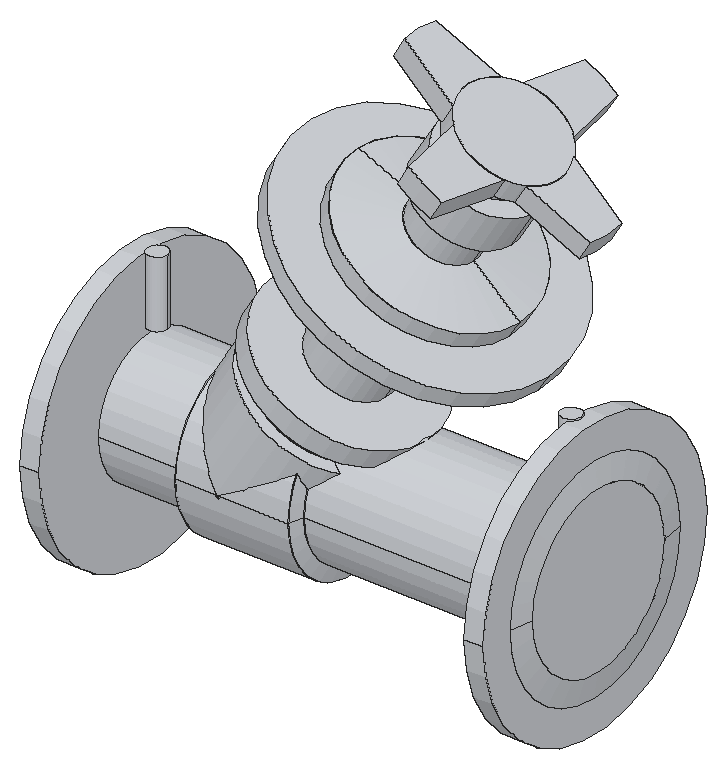
Revit family "224_DN150_20-70_RFA_2018", category Pipe Accessories, Revit 2018
Family settings
  Round Connector Dimension = Use Diameter
  Part Type = Valve - Breaks Into
  Work Plane-Based = No
  Always vertical = Yes
  Cut with Voids When Loaded = No
  Shared = No
Parameters (values of type "224_DN150_(20-70)")
  magiProductId = "2dcf3707ec5549d494f72875a03dce"
  magiProductFamilyId = "cb96b53648234cefb8c956722b95ac"
  magiPartTypeId = 304
  isMeasuringValve [instance] = no
  ang2D [instance] = 0.00°
  Z8 = 26.866 mm
  Z7 = 8.955 mm
  Z6 = 89.552 mm
  Z4 = 44.776 mm
  Z3 = 17.91 mm
  Z2 = 22.388 mm
  Z1 = 89.552 mm
  Y9 = 112.022 mm
  Y8 = 43.927 mm
  X9 = 19.752 mm
  X8 = 30.758 mm
  X5 = 223.38 mm
  X4 = 115.5 mm
  X1 = 19.2 mm
  W2D = 100 mm
  VersionID = "2.0/2018.4.11.4/ZETKAMA_224_001"
  Use Minimum Symbol Size [instance] = yes
  URL = "www.hydronic.cz"
  Type Comments = "přírubový ventil, PN16; -10~+120°C; dpmin=1,5xdpnast;"
  R8 = 53.625 mm
  R7 = 35.75 mm
  R6 = 96.688 mm
  R5 = 142.5 mm
  R4 = 113.75 mm
  R3 = 70.2 mm
  R2 = 108.5 mm
  R12 = 42.75 mm
  R10 = 84 mm
  QmdConnectorList = "301;D;302;D"
  Productdata [instance] = ""
  Manufacturer = "Hydronic Systems Prague s.r.o."
  Maintenance Zone Under Depth [instance] = 440 mm
  Maintenance Zone Right Depth [instance] = 480 mm
  Maintenance Zone Over Depth [instance] = 440 mm
  Maintenance Zone Left Depth [instance] = 480 mm
  Maintenance Zone Front Depth [instance] = 273 mm
  Maintenance Zone Back Depth [instance] = 273 mm
  Maintenance Zone Front Visibility [instance] = no
  MC Product Code = "224 150 3 (DN150; dpnast 20-70kPa; dpmax=250kPa; kvs=200,0kPa)"
  MC Piping Given Pressure Drop [instance] = 0.0 Pa
  LT2 = 240 mm
  L3 = 86.72 mm
  L2D_Min = 3048 mm
  L2D = 350 mm
  H5 = 67.5 mm
  FDT2 = 142.5 mm
  Description = "Regulátor diferenčního tlaku přírubový"
  DT21 = 67.5 mm
  DT2 = 75 mm
  D6 = 90.75 mm
  D5 = 82.5 mm
  D = 150 mm
  Clearance Zone Height Depth [instance] = 440 mm
  Clearance Zone Circular Radius [instance] = 480 mm
  Clearance Zone Visibility [instance] = no
  CAT0 = yes
  ARC2 = 1.728 mm
  ARC1 = 9.698 mm
  ANG = 32.00°
  A2 = 44.513 mm
  A1 = 71.236 mm
Types (10, lengths in mm): name | magiProductId | Z8 | Z7 | Z6 | Z4 | Z3 | Z2 | Z1 | X5 | X4 | X1 | R5 | R3 | R2 | R10 | Maintenance Zone Under Depth | Maintenance Zone Right Depth | Maintenance Zone Over Depth | Maintenance Zone Left Depth | MC Product Code | LT2 | L3 | H5 | FDT2 | DT21 | DT2 | D6 | D5 | D | Clearance Zone Height Depth | Clearance Zone Circular Radius | A2 | A1
  224_DN100_(40-160) | "71f9e553003c40d991c5e352e67284" | 24.389 | 8.13 | 101.622 | 40.649 | 16.26 | 20.324 | 60.973 | 152.2 | 91 | 14 | 110 | 52 | 80.5 | 58 | 405 | 350 | 405 | 350 | "224 100 7 (DN100; dpnast 40-160kPa; dpmax=250kPa; kvs=110,0kPa)" | 175 | 62.8 | 60 | 110 | 50 | 50 | 81.25 | 65 | 100 | 405 | 350 | 32.458 | 51.943
  224_DN100_(20-70) | "5e4de33176c64976a9c157b39996ce" | 24.389 | 8.13 | 101.622 | 40.649 | 16.26 | 20.324 | 60.973 | 152.2 | 91 | 14 | 110 | 52 | 80.5 | 58 | 405 | 350 | 405 | 350 | "224 100 3 (DN100; dpnast 20-70kPa; dpmax=250kPa; kvs=110,0kPa)" | 175 | 62.8 | 60 | 110 | 50 | 50 | 81.25 | 65 | 100 | 405 | 350 | 32.458 | 51.943
  224_DN125_(40-160) | "9beb69b667494b6ab1f54942078ae6" | 25.804 | 8.601 | 107.518 | 43.007 | 17.203 | 21.504 | 64.511 | 166.25 | 113.75 | 16 | 125 | 65 | 95.5 | 71 | 425 | 400 | 425 | 400 | "224 125 7 (DN125; dpnast 40-160kPa; dpmax=250kPa; kvs=169,0kPa)" | 200 | 72 | 62.5 | 125 | 62.5 | 62.5 | 101.562 | 81.25 | 125 | 425 | 400 | 37.094 | 59.363
  224_DN125_(20-70) | "2c85edc695ca465cb63b6911085491" | 25.804 | 8.601 | 107.518 | 43.007 | 17.203 | 21.504 | 64.511 | 166.25 | 113.75 | 16 | 125 | 65 | 95.5 | 71 | 425 | 400 | 425 | 400 | "224 125 3 (DN125; dpnast 20-70kPa; dpmax=250kPa; kvs=169,0kPa)" | 200 | 72 | 62.5 | 125 | 62.5 | 62.5 | 101.562 | 81.25 | 125 | 425 | 400 | 37.094 | 59.363
  224_DN150_(40-160) | "96017eba5eec4de2abe05c4d8dc7d1" | 26.866 | 8.955 | 89.552 | 44.776 | 17.91 | 22.388 | 89.552 | 223.38 | 115.5 | 19.2 | 142.5 | 70.2 | 108.5 | 84 | 440 | 480 | 440 | 480 | "224 150 7 (DN150; dpnast 40-160kPa; dpmax=250kPa; kvs=200,0kPa)" | 240 | 86.72 | 67.5 | 142.5 | 67.5 | 75 | 90.75 | 82.5 | 150 | 440 | 480 | 44.513 | 71.236
  224_DN150_(20-70) | "2dcf3707ec5549d494f72875a03dce" | 26.866 | 8.955 | 89.552 | 44.776 | 17.91 | 22.388 | 89.552 | 223.38 | 115.5 | 19.2 | 142.5 | 70.2 | 108.5 | 84 | 440 | 480 | 440 | 480 | "224 150 3 (DN150; dpnast 20-70kPa; dpmax=250kPa; kvs=200,0kPa)" | 240 | 86.72 | 67.5 | 142.5 | 67.5 | 75 | 90.75 | 82.5 | 150 | 440 | 480 | 44.513 | 71.236
  224_DN065_(40-160) | "7a3227ed888c4b0d8669ae9eb0085d" | 22.974 | 7.658 | 95.726 | 38.29 | 15.316 | 19.145 | 57.436 | 139.89 | 59.15 | 11.6 | 92.5 | 33.8 | 63 | 40.5 | 385 | 290 | 385 | 290 | "224 065 7 (DN65; dpnast 40-160kPa; dpmax=300kPa; kvs=48,4kPa)" | 145 | 51.76 | 60 | 92.5 | 32.5 | 32.5 | 52.812 | 42.25 | 65 | 385 | 290 | 26.893 | 43.038
  224_DN065_(20-70) | "bd269db4002540fe9b2a41f205afd7" | 22.974 | 7.658 | 95.726 | 38.29 | 15.316 | 19.145 | 57.436 | 139.89 | 59.15 | 11.6 | 92.5 | 33.8 | 63 | 40.5 | 385 | 290 | 385 | 290 | "224 065 3 (DN65; dpnast 20-70kPa; dpmax=300kPa; kvs=48,4kPa)" | 145 | 51.76 | 60 | 92.5 | 32.5 | 32.5 | 52.812 | 42.25 | 65 | 385 | 290 | 26.893 | 43.038
  224_DN080_(40-160) | "20b45c03d3cb49e9a44f946d5e2c2d" | 23.328 | 7.776 | 97.2 | 38.88 | 15.552 | 19.44 | 58.32 | 140.96 | 72.8 | 12.4 | 100 | 41.6 | 70.5 | 48 | 390 | 310 | 390 | 310 | "224 080 7 (DN80; dpnast 40-160kPa; dpmax=300kPa; kvs=74,5kPa)" | 155 | 55.44 | 60 | 100 | 40 | 40 | 65 | 52 | 80 | 390 | 310 | 28.748 | 46.007
  224_DN080_(20-70) | "2f63645f7c5342ecbadd0051fa47f2" | 23.328 | 7.776 | 97.2 | 38.88 | 15.552 | 19.44 | 58.32 | 140.96 | 72.8 | 12.4 | 100 | 41.6 | 70.5 | 48 | 390 | 310 | 390 | 310 | "224 080 3 (DN80; dpnast 20-70kPa; dpmax=300kPa; kvs=74,5kPa)" | 155 | 55.44 | 60 | 100 | 40 | 40 | 65 | 52 | 80 | 390 | 310 | 28.748 | 46.007
Reference planes
  plane 1 "Center (Front/Back)": y = 0
  plane 2 "XYPLANE": z = 0
  plane 3 "Center (Left/Right)": x = 0
  plane 4 "274": z = -440
  plane 5 "273": z = 440
  plane 6 "272": x = -480
  plane 7 "271": x = 480
  plane 8 "270": y = 273
  plane 9 "269": y = -273
  plane 10 "202": x = 211.8
  plane 11 "201": z = 75
  plane 12 "199": x = -209.8
  plane 13 "196": x = -6.58
  plane 14 "195": x = -10.58
  plane 15 "186": x = -126.08
  plane 16 "185": x = -130.08
  plane 17 "157": through (-517.259, 0, 587.523) normal (0.5299, 0, 0.848)
  plane 18 "123": y = -19.752
  plane 19 "122": y = -30.758
  plane 20 "120": y = 19.752
  plane 21 "119": y = 30.758
  plane 22 "118": through (242.028, 0, 733.148) normal (0.848, 0, -0.5299)
  plane 23 "117": through (374.28, 0, 650.508) normal (0.848, 0, -0.5299)
  plane 24 "116": through (432.028, 0, 614.423) normal (0.848, 0, -0.5299)
  plane 25 "115": through (299.776, 0, 697.063) normal (0.848, 0, -0.5299)
  plane 26 "113": y = -43.927
  plane 27 "112": y = -112.022
  plane 28 "110": through (363.112, 0, 657.486) normal (0.848, 0, -0.5299)
  plane 29 "108": through (320.277, 0, 684.253) normal (0.848, 0, -0.5299)
  plane 30 "107": through (310.944, 0, 690.085) normal (0.848, 0, -0.5299)
  plane 31 "106": through (353.779, 0, 663.318) normal (0.848, 0, -0.5299)
  plane 32 "105": y = 112.022
  plane 33 "104": y = 43.927
  plane 34 "99": through (-434.212, 0, 720.426) normal (0.5299, 0, 0.848)
  plane 35 "96": through (-446.076, 0, 701.44) normal (0.5299, 0, 0.848)
  plane 36 "91": through (-469.803, 0, 663.467) normal (0.5299, 0, 0.848)
  plane 37 "87": through (-493.531, 0, 625.495) normal (0.5299, 0, 0.848)
  plane 38 "84": through (-498.277, 0, 617.901) normal (0.5299, 0, 0.848)
  plane 39 "82": through (-507.768, 0, 602.712) normal (0.5299, 0, 0.848)
  plane 40 "75": through (-526.75, 0, 572.334) normal (0.5299, 0, 0.848)
  plane 41 "74": through (-540.986, 0, 549.551) normal (0.5299, 0, 0.848)
  plane 42 "41": through (-588.442, 0, 473.607) normal (0.5299, 0, 0.848)
  plane 43 "37": through (-600.305, 0, 454.621) normal (0.5299, 0, 0.848)
  plane 44 "34": through (-612.169, 0, 435.634) normal (0.5299, 0, 0.848)
  plane 45 "30": through (-659.624, 0, 359.69) normal (0.5299, 0, 0.848)
  plane 46 "28": y = 0
  plane 47 "27": through (337.028, 0, 673.785) normal (0.848, 0, -0.5299)
  plane 48 "24": x = 236
  plane 49 "23": x = 216.8
  plane 50 "15": x = -216.8
  plane 51 "11": x = -236
  plane 52 "6": x = 240
  plane 53 "5": x = -240
  plane 54 "3": z = 0
  plane 55 "2": y = 0
  plane 56 "1": x = 0
  plane 57 "25XY": through (-636.036, 0, 397.439) normal (0.5299, 0, 0.848)
  plane 58 "25XZ": y = 0
  plane 59 "25YZ": through (397.439, 0, 636.036) normal (0.848, 0, -0.5299)
Forms (mm)
  Blend 1, solid, visible <- "CAT0"
    base sketch origin (-540.986, 0, 549.551) x (0.848048, 0, -0.529919) y (0, 1, 0)
      loop
        circle (678.764, 0) r 42.75
    top sketch origin (-540.986, 0, 549.551) x (0.848048, 0, -0.529919) y (0, 1, 0)
      loop
        circle (678.764, 0) r 113.75
    from 0 to 26.866
  Blend 2, solid, visible <- "Maintenance Zone Front Visibility"
    base sketch origin (-750, 0, 440) x (1, 0, 0) y (0, 1, 0)
      loop
        line (270, 273) -> (270, -273) -> (1230, -273) -> (1230, 273) -> (270, 273)
    top sketch origin (-750, 0, 440) x (1, 0, 0) y (0, 1, 0)
      loop
        line (270, 273) -> (270, -273) -> (1230, -273) -> (1230, 273) -> (270, 273)
    from 0 to -880
  Extrusion 3, solid, visible <- "Clearance Zone Visibility"
    sketch origin (-750, 0, 0) x (1, 0, 0) y (0, 1, 0)
      loop
        circle (750, 0) r 480
    from 0 to 440 <- "Clearance Zone Height Depth"
  Extrusion 4, solid, visible <- "CAT0"
    sketch origin (-588.442, 0, 473.607) x (0.848048, 0, -0.529919) y (0, 1, 0)
      loop
        circle (678.764, 0) r 42.75
    from 0 to 89.552 <- "Z6"
  Extrusion 5, solid
    sketch origin (-750, 0, 75) x (1, 0, 0) y (0, 1, 0)
      loop
        circle (961.8, 0) r 10
    from 0 to 67.5 <- "H5"
  Extrusion 6, solid
    sketch origin (-750, 0, 75) x (1, 0, 0) y (0, 1, 0)
      loop
        circle (540.2, 0) r 10
    from 0 to 67.5 <- "H5"
  Extrusion 7, solid
    sketch origin (-6.58, -750, 0) x (0, 1, 0) y (0, 0, 1)
      loop
        circle (750, 0) r 67.5
    from 0 to 223.38 <- "X5"
  Blend 8, solid
    base sketch origin (-6.58, -750, 0) x (0, 1, 0) y (0, 0, 1)
      loop
        circle (750, 0) r 67.5
    top sketch origin (-6.58, -750, 0) x (0, 1, 0) y (0, 0, 1)
      loop
        circle (750, 0) r 82.5
    from 0 to -4
  Extrusion 9, solid
    sketch origin (-126.08, -750, 0) x (0, 1, 0) y (0, 0, 1)
      loop
        circle (750, 0) r 82.5
    from 0 to 115.5 <- "X4"
  Blend 10, solid
    base sketch origin (-130.08, -750, 0) x (0, 1, 0) y (0, 0, 1)
      loop
        circle (750, 0) r 67.5
    top sketch origin (-130.08, -750, 0) x (0, 1, 0) y (0, 0, 1)
      loop
        circle (750, 0) r 82.5
    from 0 to 4
  Extrusion 11, solid
    sketch origin (-659.624, 0, 359.69) x (0.848048, 0, -0.529919) y (0, 1, 0)
      loop
        circle (678.764, 0) r 82.5
    from 0 to 89.552 <- "Z1"
  Extrusion 12, solid
    sketch origin (-526.75, 0, 572.334) x (0.848048, 0, -0.529919) y (0, 1, 0)
      loop
        circle (678.764, 0) r 113.75
    from 0 to 17.91 <- "Z3"
  Extrusion 13, solid
    sketch origin (-434.212, 0, 720.426) x (0.848048, 0, -0.529919) y (0, 1, 0)
      loop
        line (722.691, -30.758) -> (790.786, -19.752)
        arc (790.786, -19.752) -> (792.514, 0) -> (790.786, 19.752) r 113.75
        line (790.786, 19.752) -> (722.691, 30.758)
        arc (722.691, 30.758) -> (732.389, 0) -> (722.691, -30.758) r 53.625
    from 0 to 22.388 <- "Z2"
  Extrusion 14, solid
    sketch origin (-434.212, 0, 720.426) x (0.848048, 0, -0.529919) y (0, 1, 0)
      loop
        line (634.837, 30.758) -> (566.742, 19.752)
        arc (566.742, 19.752) -> (565.014, 0) -> (566.742, -19.752) r 113.75
        line (566.742, -19.752) -> (634.837, -30.758)
        arc (634.837, -30.758) -> (625.139, 0) -> (634.837, 30.758) r 53.625
    from 0 to 22.388 <- "Z2"
  Extrusion 15, solid
    sketch origin (-434.212, 0, 720.426) x (0.848048, 0, -0.529919) y (0, 1, 0)
      loop
        line (648.006, -43.927) -> (659.011, -112.022)
        arc (659.011, -112.022) -> (678.764, -113.75) -> (698.516, -112.022) r 113.75
        line (698.516, -112.022) -> (709.522, -43.927)
        arc (709.522, -43.927) -> (678.764, -53.625) -> (648.006, -43.927) r 53.625
    from 0 to 22.388 <- "Z2"
  Extrusion 16, solid
    sketch origin (-434.212, 0, 720.426) x (0.848048, 0, -0.529919) y (0, 1, 0)
      loop
        line (709.522, 43.927) -> (698.516, 112.022)
        arc (698.516, 112.022) -> (678.764, 113.75) -> (659.011, 112.022) r 113.75
        line (659.011, 112.022) -> (648.006, 43.927)
        arc (648.006, 43.927) -> (678.764, 53.625) -> (709.522, 43.927) r 53.625
    from 0 to 22.388 <- "Z2"
  Extrusion 17, solid
    sketch origin (-434.212, 0, 720.426) x (0.848048, 0, -0.529919) y (0, 1, 0)
      loop
        circle (678.764, 0) r 53.625
    from 0 to 22.388 <- "Z2"
  Extrusion 18, solid
    sketch origin (-446.076, 0, 701.44) x (0.848048, 0, -0.529919) y (0, 1, 0)
      loop
        circle (678.764, 0) r 35.75
    from 0 to 22.388 <- "Z2"
  Extrusion 19, solid
    sketch origin (-469.803, 0, 663.467) x (0.848048, 0, -0.529919) y (0, 1, 0)
      loop
        circle (678.764, 0) r 53.625
    from 0 to 44.776 <- "Z4"
  Extrusion 20, solid
    sketch origin (-493.531, 0, 625.495) x (0.848048, 0, -0.529919) y (0, 1, 0)
      loop
        circle (678.764, 0) r 35.75
    from 0 to 44.776 <- "Z4"
  Blend 21, solid
    base sketch origin (-498.277, 0, 617.901) x (0.848048, 0, -0.529919) y (0, 1, 0)
      loop
        circle (678.764, 0) r 96.688
    top sketch origin (-498.277, 0, 617.901) x (0.848048, 0, -0.529919) y (0, 1, 0)
      loop
        circle (678.764, 0) r 35.75
    from 0 to 8.955
  Extrusion 22, solid
    sketch origin (-507.768, 0, 602.712) x (0.848048, 0, -0.529919) y (0, 1, 0)
      loop
        circle (678.764, 0) r 96.688
    from 0 to 17.91 <- "Z3"
  Extrusion 23, solid
    sketch origin (-517.259, 0, 587.523) x (0.848048, 0, -0.529919) y (0, 1, 0)
      loop
        circle (678.764, 0) r 142.5
    from 0 to 17.91 <- "Z3"
  Extrusion 24, solid
    sketch origin (-600.305, 0, 454.621) x (0.848048, 0, -0.529919) y (0, 1, 0)
      loop
        circle (678.764, 0) r 90.75
    from 0 to 22.388 <- "Z2"
  Extrusion 25, solid
    sketch origin (-612.169, 0, 435.634) x (0.848048, 0, -0.529919) y (0, 1, 0)
      loop
        circle (678.764, 0) r 70.2
    from 0 to 22.388 <- "Z2"
  Blend 26, solid
    base sketch origin (236, -750, 0) x (0, 1, 0) y (0, 0, 1)
      loop
        circle (750, 0) r 108.5
    top sketch origin (236, -750, 0) x (0, 1, 0) y (0, 0, 1)
      loop
        circle (750, 0) r 84
    from 0 to 4
  Extrusion 27, solid
    sketch origin (216.8, -750, 0) x (0, 1, 0) y (0, 0, 1)
      loop
        circle (750, 0) r 142.5
    from 0 to 19.2 <- "X1"
  Extrusion 28, solid
    sketch origin (-216.8, -750, 0) x (0, 1, 0) y (0, 0, 1)
      loop
        circle (750, 0) r 67.5
    from 0 to 86.72 <- "L3"
  Extrusion 29, solid
    sketch origin (-236, -750, 0) x (0, 1, 0) y (0, 0, 1)
      loop
        circle (750, 0) r 142.5
    from 0 to 19.2 <- "X1"
  Blend 30, solid
    base sketch origin (-240, -750, 0) x (0, 1, 0) y (0, 0, 1)
      loop
        circle (750, 0) r 84
    top sketch origin (-240, -750, 0) x (0, 1, 0) y (0, 0, 1)
      loop
        circle (750, 0) r 108.5
    from 0 to 4
  Extrusion 31, solid, not visible
    sketch origin (240, -750, 0) x (0, 1, 0) y (0, 0, 1)
      loop
        circle (750, 0) r 10
    from 0 to -10
  Extrusion 32, solid, not visible
    sketch origin (-240, -750, 0) x (0, 1, 0) y (0, 0, 1)
      loop
        circle (750, 0) r 10
    from 0 to 10
Lines and regions (mm)
  reference lines, not visible
    curve 1: circle (-9.38, 2, 0) r 1 normal (0, 0, 1)
  reference lines
    curve 2: line (178.665, -30.758, 337.458) -> (178.665, 30.758, 337.458)
    curve 3: line (236.413, 19.752, 301.373) -> (236.413, -19.752, 301.373)
    curve 4: line (104.16, 30.758, 384.013) -> (104.16, -30.758, 384.013)
    curve 5: line (46.413, -19.752, 420.098) -> (46.413, 19.752, 420.098)
    curve 6: line (115.328, -43.927, 377.035) -> (167.497, -43.927, 344.436)
    curve 7: line (158.164, -112.022, 350.268) -> (124.662, -112.022, 371.203)
    curve 8: line (167.497, 43.927, 344.436) -> (115.328, 43.927, 377.035)
    curve 9: line (124.662, 112.022, 371.203) -> (158.164, 112.022, 350.268)
Dimensions and locks
  plane 1 "Center (Front/Back)" to curve 1 = 2 mm
  "Maintenance Zone Under Depth": plane 2 "XYPLANE" to plane 4 "274"
  "Maintenance Zone Over Depth": plane 2 "XYPLANE" to plane 5 "273"
  "Maintenance Zone Left Depth": plane 3 "Center (Left/Right)" to plane 6 "272"
  "Maintenance Zone Right Depth": plane 3 "Center (Left/Right)" to plane 7 "271"
  "Maintenance Zone Back Depth": plane 1 "Center (Front/Back)" to plane 8 "270"
  "Maintenance Zone Front Depth": plane 1 "Center (Front/Back)" to plane 9 "269"
  locked: plane 49 "23" to plane 10 "202" at 5
  "DT2": plane 2 "XYPLANE" to plane 11 "201"
  locked: plane 50 "15" to plane 12 "199" at 7
  locked: plane 14 "195" to plane 13 "196" at 4
  "X4": plane 15 "186" to plane 14 "195"
  locked: plane 16 "185" to plane 15 "186" at 4
  "L3": plane 50 "15" to plane 16 "185"
  "Z3": plane 40 "75" to plane 17 "157"
  "X9": plane 55 "2" to plane 18 "123"
  "X8": plane 55 "2" to plane 19 "122"
  "X9": plane 55 "2" to plane 20 "120"
  "X8": plane 55 "2" to plane 21 "119"
  "Y9": plane 47 "27" to plane 22 "118"
  "Y8": plane 47 "27" to plane 23 "117"
  "Y9": plane 47 "27" to plane 24 "116"
  "Y8": plane 47 "27" to plane 25 "115"
  "Y8": plane 55 "2" to plane 26 "113"
  "Y9": plane 55 "2" to plane 27 "112"
  "X8": plane 47 "27" to plane 28 "110"
  "X9": plane 47 "27" to plane 29 "108"
  "X8": plane 47 "27" to plane 30 "107"
  "X9": plane 47 "27" to plane 31 "106"
  "Y9": plane 55 "2" to plane 32 "105"
  "Y8": plane 55 "2" to plane 33 "104"
  "Z2": plane 35 "96" to plane 34 "99"
  "Z4": plane 36 "91" to plane 35 "96"
  "Z4": plane 37 "87" to plane 36 "91"
  "Z7": plane 38 "84" to plane 37 "87"
  "Z3": plane 39 "82" to plane 38 "84"
  "Z3": plane 17 "157" to plane 39 "82"
  "Z8": plane 41 "74" to plane 40 "75"
  "Z6": plane 42 "41" to plane 41 "74"
  "Z2": plane 43 "37" to plane 42 "41"
  "Z2": plane 44 "34" to plane 43 "37"
  "Z1": plane 45 "30" to plane 44 "34"
  "A2": plane 57 "25XY" to plane 45 "30"
  locked: plane 55 "2" to plane 46 "28"
  "A1": plane 59 "25YZ" to plane 47 "27"
  "X1": plane 49 "23" to plane 48 "24"
  "X5": plane 13 "196" to plane 49 "23"
  "X1": plane 51 "11" to plane 50 "15"
  locked: plane 53 "5" to plane 51 "11" at 4
  "LT2": plane 3 "Center (Left/Right)" to plane 52 "6"
  "LT2": plane 3 "Center (Left/Right)" to plane 53 "5"
  locked: plane 2 "XYPLANE" to plane 54 "3"
  locked: plane 1 "Center (Front/Back)" to plane 55 "2"
  locked: plane 3 "Center (Left/Right)" to plane 56 "1"
  Blend 2 sketch curve to Blend 2 sketch curve = 0 mm  (x16)
  "ARC1": curve 2 to Extrusion 13 sketch curve
  "ARC2": curve 3 to Extrusion 13 sketch curve
  Extrusion 13 sketch curve to Extrusion 13 sketch curve = 0 mm  (x8)
  "ARC1": curve 4 to Extrusion 14 sketch curve
  "ARC2": curve 5 to Extrusion 14 sketch curve
  Extrusion 14 sketch curve to Extrusion 14 sketch curve = 0 mm  (x8)
  "ARC1": curve 6 to Extrusion 15 sketch curve
  "ARC2": curve 7 to Extrusion 15 sketch curve
  Extrusion 15 sketch curve to Extrusion 15 sketch curve = 0 mm  (x8)
  "ARC1": curve 8 to Extrusion 16 sketch curve
  "ARC2": curve 9 to Extrusion 16 sketch curve
  Extrusion 16 sketch curve to Extrusion 16 sketch curve = 0 mm  (x8)
  "R4": radius of Blend 1 sketch curve
  "R12": radius of Blend 1 sketch curve
  "Clearance Zone Circular Radius": radius of Extrusion 3 sketch curve
  "R12": radius of Extrusion 4 sketch curve
  "DT21": radius of Extrusion 7 sketch curve
  "D5": radius of Blend 8 sketch curve
  "DT21": radius of Blend 8 sketch curve
  "D5": radius of Extrusion 9 sketch curve
  "D5": radius of Blend 10 sketch curve
  "DT21": radius of Blend 10 sketch curve
  "D5": radius of Extrusion 11 sketch curve
  "R4": radius of Extrusion 12 sketch curve
  "R8": radius of Extrusion 17 sketch curve
  "R7": radius of Extrusion 18 sketch curve
  "R8": radius of Extrusion 19 sketch curve
  "R7": radius of Extrusion 20 sketch curve
  "R7": radius of Blend 21 sketch curve
  "R6": radius of Blend 21 sketch curve
  "R6": radius of Extrusion 22 sketch curve
  "R5": radius of Extrusion 23 sketch curve
  "D6": radius of Extrusion 24 sketch curve
  "R3": radius of Extrusion 25 sketch curve
  "R10": radius of Blend 26 sketch curve
  "R2": radius of Blend 26 sketch curve
  "FDT2": radius of Extrusion 27 sketch curve
  "DT21": radius of Extrusion 28 sketch curve
  "FDT2": radius of Extrusion 29 sketch curve
  "R2": radius of Blend 30 sketch curve
  "R10": radius of Blend 30 sketch curve
  aligned and locked: level to plane 2 "XYPLANE"
  aligned and locked: plane 46 "28" to Blend 1 sketch curve  (x2)
  aligned and locked: Blend 1 sketch curve to plane 47 "27"  (x2)
  aligned and locked: plane 40 "75" to Blend 1
  aligned and locked: Blend 2 sketch curve to plane 6 "272"  (x2)
  aligned and locked: plane 8 "270" to Blend 2 sketch curve  (x4)
  aligned and locked: plane 9 "269" to Blend 2 sketch curve  (x4)
  aligned and locked: plane 6 "272" to Blend 2 sketch curve  (x2)
  aligned and locked: plane 7 "271" to Blend 2 sketch curve  (x4)
  aligned and locked: Blend 2 to plane 4 "274"
  aligned and locked: plane 55 "2" to Extrusion 3 sketch curve
  aligned and locked: plane 56 "1" to Extrusion 3 sketch curve
  aligned and locked: plane 46 "28" to Extrusion 4 sketch curve
  aligned and locked: Extrusion 4 sketch curve to plane 47 "27"
  aligned and locked: plane 10 "202" to Extrusion 5 sketch curve
  aligned and locked: plane 55 "2" to Extrusion 5 sketch curve
  aligned and locked: plane 12 "199" to Extrusion 6 sketch curve
  aligned and locked: plane 55 "2" to Extrusion 6 sketch curve
  aligned and locked: plane 54 "3" to Extrusion 7 sketch curve
  aligned and locked: Extrusion 7 sketch curve to plane 55 "2"
  aligned and locked: plane 54 "3" to Blend 8 sketch curve  (x2)
  aligned and locked: Blend 8 sketch curve to plane 55 "2"  (x2)
  aligned and locked: Blend 8 to plane 14 "195"
  aligned and locked: plane 54 "3" to Extrusion 9 sketch curve
  aligned and locked: Extrusion 9 sketch curve to plane 55 "2"
  aligned and locked: plane 54 "3" to Blend 10 sketch curve  (x2)
  aligned and locked: Blend 10 sketch curve to plane 55 "2"  (x2)
  aligned and locked: plane 15 "186" to Blend 10
  aligned and locked: plane 46 "28" to Extrusion 11 sketch curve
  aligned and locked: Extrusion 11 sketch curve to plane 47 "27"
  aligned and locked: plane 46 "28" to Extrusion 12 sketch curve
  aligned and locked: Extrusion 12 sketch curve to plane 47 "27"
  aligned and locked: curve 2 to plane 23 "117"
  aligned and locked: plane 19 "122" to curve 2
  aligned and locked: plane 21 "119" to curve 2
  aligned and locked: plane 21 "119" to Extrusion 13 sketch curve
  aligned and locked: plane 23 "117" to Extrusion 13 sketch curve
  aligned and locked: plane 20 "120" to Extrusion 13 sketch curve
  aligned and locked: plane 24 "116" to Extrusion 13 sketch curve
  aligned and locked: curve 3 to plane 24 "116"
  aligned and locked: plane 20 "120" to curve 3
  aligned and locked: plane 18 "123" to curve 3
  aligned and locked: plane 18 "123" to Extrusion 13 sketch curve
  aligned and locked: Extrusion 13 sketch curve to plane 24 "116"
  aligned and locked: plane 19 "122" to Extrusion 13 sketch curve
  aligned and locked: Extrusion 13 sketch curve to plane 23 "117"
  aligned and locked: curve 4 to plane 25 "115"
  aligned and locked: plane 21 "119" to curve 4
  aligned and locked: plane 19 "122" to curve 4
  aligned and locked: plane 19 "122" to Extrusion 14 sketch curve
  aligned and locked: Extrusion 14 sketch curve to plane 25 "115"
  aligned and locked: plane 18 "123" to Extrusion 14 sketch curve
  aligned and locked: Extrusion 14 sketch curve to plane 22 "118"
  aligned and locked: curve 5 to plane 22 "118"
  aligned and locked: plane 18 "123" to curve 5
  aligned and locked: plane 20 "120" to curve 5
  aligned and locked: plane 20 "120" to Extrusion 14 sketch curve
  aligned and locked: plane 22 "118" to Extrusion 14 sketch curve
  aligned and locked: plane 21 "119" to Extrusion 14 sketch curve
  aligned and locked: plane 25 "115" to Extrusion 14 sketch curve
  aligned and locked: curve 6 to plane 26 "113"
  aligned and locked: curve 6 to plane 30 "107"
  aligned and locked: curve 6 to plane 28 "110"
  aligned and locked: plane 26 "113" to Extrusion 15 sketch curve  (x2)
  aligned and locked: Extrusion 15 sketch curve to plane 28 "110"
  aligned and locked: plane 27 "112" to Extrusion 15 sketch curve  (x2)
  aligned and locked: Extrusion 15 sketch curve to plane 31 "106"
  aligned and locked: plane 27 "112" to curve 7
  aligned and locked: curve 7 to plane 31 "106"
  aligned and locked: curve 7 to plane 29 "108"
  aligned and locked: Extrusion 15 sketch curve to plane 29 "108"
  aligned and locked: Extrusion 15 sketch curve to plane 30 "107"
  aligned and locked: plane 33 "104" to curve 8
  aligned and locked: plane 28 "110" to curve 8
  aligned and locked: plane 30 "107" to curve 8
  aligned and locked: plane 30 "107" to Extrusion 16 sketch curve
  aligned and locked: plane 33 "104" to Extrusion 16 sketch curve  (x2)
  aligned and locked: plane 29 "108" to Extrusion 16 sketch curve
  aligned and locked: plane 32 "105" to Extrusion 16 sketch curve  (x2)
  aligned and locked: curve 9 to plane 32 "105"
  aligned and locked: plane 29 "108" to curve 9
  aligned and locked: plane 31 "106" to curve 9
  aligned and locked: plane 31 "106" to Extrusion 16 sketch curve
  aligned and locked: plane 28 "110" to Extrusion 16 sketch curve
  aligned and locked: plane 46 "28" to Extrusion 17 sketch curve
  aligned and locked: Extrusion 17 sketch curve to plane 47 "27"
  aligned and locked: plane 46 "28" to Extrusion 18 sketch curve
  aligned and locked: Extrusion 18 sketch curve to plane 47 "27"
  aligned and locked: plane 46 "28" to Extrusion 19 sketch curve
  aligned and locked: Extrusion 19 sketch curve to plane 47 "27"
  aligned and locked: plane 46 "28" to Extrusion 20 sketch curve
  aligned and locked: Extrusion 20 sketch curve to plane 47 "27"
  aligned and locked: plane 46 "28" to Blend 21 sketch curve  (x2)
  aligned and locked: Blend 21 sketch curve to plane 47 "27"  (x2)
  aligned and locked: plane 37 "87" to Blend 21
  aligned and locked: plane 46 "28" to Extrusion 22 sketch curve
  aligned and locked: Extrusion 22 sketch curve to plane 47 "27"
  aligned and locked: plane 46 "28" to Extrusion 23 sketch curve
  aligned and locked: Extrusion 23 sketch curve to plane 47 "27"
  aligned and locked: plane 46 "28" to Extrusion 24 sketch curve
  aligned and locked: Extrusion 24 sketch curve to plane 47 "27"
  aligned and locked: plane 46 "28" to Extrusion 25 sketch curve
  aligned and locked: Extrusion 25 sketch curve to plane 47 "27"
  aligned and locked: plane 54 "3" to Blend 26 sketch curve  (x2)
  aligned and locked: Blend 26 sketch curve to plane 55 "2"  (x2)
  aligned and locked: plane 52 "6" to Blend 26
  aligned and locked: plane 54 "3" to Extrusion 27 sketch curve
  aligned and locked: Extrusion 27 sketch curve to plane 55 "2"
  aligned and locked: plane 54 "3" to Extrusion 28 sketch curve
  aligned and locked: Extrusion 28 sketch curve to plane 55 "2"
  aligned and locked: plane 54 "3" to Extrusion 29 sketch curve
  aligned and locked: Extrusion 29 sketch curve to plane 55 "2"
  aligned and locked: plane 54 "3" to Blend 30 sketch curve  (x2)
  aligned and locked: Blend 30 sketch curve to plane 55 "2"  (x2)
  aligned and locked: plane 51 "11" to Blend 30
  aligned and locked: plane 54 "3" to Extrusion 31 sketch curve
  aligned and locked: Extrusion 31 sketch curve to plane 55 "2"
  aligned and locked: plane 54 "3" to Extrusion 32 sketch curve
  aligned and locked: Extrusion 32 sketch curve to plane 55 "2"
Automatic sketch dimensions
  Extrusion 5 sketch curve to Extrusion 5 sketch curve = 10 mm
  Extrusion 6 sketch curve to plane 50 "15" = 3 mm
  plane 18 "123" to Extrusion 31 sketch curve = 9.752 mm
  plane 18 "123" to Extrusion 32 sketch curve = 9.752 mm
  plane 14 "195" to curve 1 = 1.2 mm
  radius of curve 1 = 1 mm
Connectors
  piping at (-240, 0, 0), diameter 150, driven by "D"
    settings: on Extrusion 32, index 1, connector inside diameter 609.6 mm, connector length 0 mm, flow factor 0, pipe flow 0.0 L/s, pressure drop 0.0 Pa, fitting loss kfactor 0, connector angle 0.00°, fixture units 0, engagement length 0 mm, angle of deflection 0.00°, flow configuration 0, flow direction 0, fitting loss method 0, system type 29, joint type 0, gender type 0, connector reference index 2, connector utility 0, adjustable connector no, is connector primary yes, connector description ""
  piping at (240, 0, 0), diameter 150, driven by "D"
    settings: on Extrusion 31, index 2, connector inside diameter 609.6 mm, connector length 0 mm, flow factor 0, pipe flow 0.0 L/s, pressure drop 0.0 Pa, fitting loss kfactor 0, connector angle 0.00°, fixture units 0, engagement length 0 mm, angle of deflection 0.00°, flow configuration 0, flow direction 0, fitting loss method 0, system type 29, joint type 0, gender type 0, connector reference index 1, connector utility 0, adjustable connector no, is connector primary no, connector description ""
